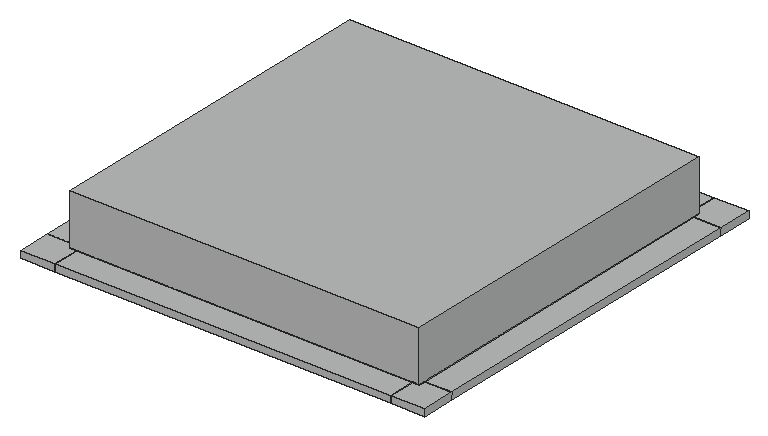
Revit family "ALUMOGIPS", category Осветительные приборы, Revit 2019 (continued)
Types (72, lengths in mm): name | Файл фотометрической сетки | built-in parameter 1150105 | Lumens | built-in parameter 1150106 | built-in parameter 1150142 | Wattage | Emit from Rectangle Width | Emit from Rectangle Length | Длина | Материал светильника | Ширина | ADSK_Ток | ADSK_Полная мощность | ADSK_Обозначение | ADSK_Номинальная мощность | ADSK_Наименование | ADSK_Масса | ADSK_Код изделия
  Alumogips-76/opal-sand 295х1195 (IP54, 4000К, белый) | "Светильник ALUMOGIPS-76 OPAL-SAND-(295x1195).ies" | 604.79 (stored number, unit not read) | 7600 lm | 6.0479 (stored number, unit not read) | "IESNA:LM-63-1995\r\n[TEST] Протокол №335/16 от 03.11.2016г. Испытательная лаборатория Государственного предприятия \"ЦСОТ НАН Беларуси\"\r\n[MORE] FFFFFFFD4B5B12BA015C1433E5FB5F5B8\r\n[DATA] 02.11.2016\r\n[MANUFAC] ЗАО \"Центрстройсвет\"\r\n[LUMCAT] Светильник ALUMOGIPS-76/OPAL-SAND-(295X1195)\r\n[LUMINAIRE] офисное освещение\r\n[LAMP] \r\nTILT=NONE\r\n1    -1.0   1.000 91 181 1 2   0.295   1.195   0.04\r\n1.0  1.0   75.50\r\n0.0 2.0 4.0 6.0 8.0 10.0 12.0 14.0 16.0 18.0 20.0 22.0 24.0 26.0 28.0 30.0 32.0 34.0 36.0 38.0 40.0 42.0 44.0 46.0 48.0 50.0 52.0 54.0 56.0 58.0 60.0 62.0 64.0 66.0 68.0 70.0 72.0 74.0 76.0 78.0 80.0 82.0 84.0 86.0 88.0 90.0 92.0 94.0 96.0 98.0 100.0 102.0 104.0 106.0 108.0 110.0 112.0 114.0 116.0 118.0 120.0 122.0 124.0 126.0 128.0 130.0 132.0 134.0 136.0 138.0 140.0 142.0 144.0 146.0 148.0 150.0 152.0 154.0 156.0 158.0 160.0 162.0 164.0 166.0 168.0 170.0 172.0 174.0 176.0 178.0 180.0 \r\n0.0 2.0 4.0 6.0 8.0 10.0 12.0 14.0 16.0 18.0 20.0 22.0 24.0 26.0 28.0 30.0 32.0 34.0 36.0 38.0 40.0 42.0 44.0 46.0 48.0 50.0 52.0 54.0 56.0 58.0 60.0 62.0 64.0 66.0 68.0 70.0 72.0 74.0 76.0 78.0 80.0 82.0 84.0 86.0 88.0 90.0 92.0 94.0 96.0 98.0 100.0 102.0 104.0 106.0 108.0 110.0 112.0 114.0 116.0 118.0 120.0 122.0 124.0 126.0 128.0 130.0 132.0 134.0 136.0 138.0 140.0 142.0 144.0 146.0 148.0 150.0 152.0 154.0 156.0 158.0 160.0 162.0 164.0 166.0 168.0 170.0 172.0 174.0 176.0 178.0 180.0 182.0 184.0 186.0 188.0 190.0 192.0 194.0 196.0 198.0 200.0 202.0 204.0 206.0 208.0 210.0 212.0 214.0 216.0 218.0 220.0 222.0 224.0 226.0 228.0 230.0 232.0 234.0 236.0 238.0 240.0 242.0 244.0 246.0 248.0 250.0 252.0 254.0 256.0 258.0 260.0 262.0 264.0 266.0 268.0 270.0 272.0 274.0 276.0 278.0 280.0 282.0 284.0 286.0 288.0 290.0 292.0 294.0 296.0 298.0 300.0 302.0 304.0 306.0 308.0 310.0 312.0 314.0 316.0 318.0 320.0 322.0 324.0 326.0 328.0 330.0 332.0 334.0 336.0 338.0 340.0 342.0 344.0 346.0 348.0 350.0 352.0 354.0 356.0 358.0 360.0 \r\n2755.907 2758.554 2753.161 2748.260 2733.459 2716.893 2696.309 2668.372 2638.377 2600.932 2557.411 2512.908 2465.466 2414.396 2357.836 2298.435 2239.229 2172.084 \r\n2104.547 2034.166 1962.708 1888.308 1811.654 1733.628 1653.446 1571.400 1488.670 1404.175 1318.796 1228.811 1141.474 1053.841 965.425 877.106 788.985 701.940 615.582 530.596 \r\n448.650 369.055 293.774 222.217 154.582 93.612 39.699 3.823 3.823 3.725 3.627 3.529 3.431 3.332 3.234 3.137 3.137 3.039 2.941 2.842 2.744 2.647 2.549 2.450 2.450 2.352 2.254 2.157 2.059 1.960 1.862 \r\n1.764 1.764 1.667 1.569 1.470 1.372 1.274 1.177 1.078 1.078 0.980 0.882 0.784 0.687 0.588 0.490 0.392 0.392 0.294 0.196 0.098 0.000 \r\n2755.907 2758.455 2753.064 2748.065 2733.166 2716.501 2695.819 2667.784 2637.692 2600.247 2556.724 2512.124 2464.681 2413.513 2356.954 2297.552 2238.249 2171.202 \r\n2103.565 2033.186 1961.727 1887.328 1810.674 1732.648 1652.465 1570.518 1487.788 1403.292 1317.816 1227.930 1140.689 1053.058 964.837 876.519 788.396 701.548 615.190 530.303 \r\n448.356 368.859 293.578 222.119 154.483 93.612 39.601 3.823 3.725 3.725 3.627 3.529 3.431 3.332 3.234 3.137 3.039 3.039 2.941 2.842 2.744 2.647 2.549 2.450 2.352 2.352 2.254 2.157 2.059 1.960 1.862 \r\n1.764 1.667 1.667 1.569 1.470 1.372 1.274 1.177 1.078 0.980 0.980 0.882 0.784 0.687 0.588 0.490 0.392 0.294 0.294 0.196 0.098 0.000 \r\n2755.907 2758.357 2752.868 2747.770 2732.871 2716.011 2695.329 2667.294 2637.005 2599.462 2556.039 2511.438 2463.897 2412.631 2356.072 2296.670 2237.269 2170.221 \r\n2102.585 2032.205 1960.747 1886.347 1809.694 1731.668 1651.485 1569.538 1486.905 1402.410 1316.934 1227.146 1139.905 1052.371 964.150 876.029 787.906 701.057 614.798 530.008 \r\n448.061 368.663 293.480 222.022 154.386 93.514 39.504 3.823 3.725 3.725 3.627 3.529 3.431 3.332 3.234 3.137 3.039 3.039 2.941 2.842 2.744 2.647 2.549 2.450 2.352 2.352 2.254 2.157 2.059 1.960 1.862 \r\n1.764 1.667 1.667 1.569 1.470 1.372 1.274 1.177 1.078 0.980 0.980 0.882 0.784 0.687 0.588 0.490 0.392 0.294 0.294 0.196 0.098 0.000 \r\n2755.907 2758.259 2752.770 2747.477 2732.577 2715.619 2694.741 2666.706 2636.319 2598.776 2555.352 2510.654 2463.113 2411.749 2355.190 2295.788 2236.289 2169.241 \r\n2101.605 2031.323 1959.767 1885.367 1808.713 1730.687 1650.505 1568.656 1485.925 1401.528 1316.052 1226.361 1139.219 1051.684 963.465 875.440 787.416 700.567 614.406 529.616 \r\n447.866 368.467 293.283 221.923 154.288 93.514 39.504 3.823 3.725 3.725 3.627 3.529 3.431 3.332 3.234 3.137 3.039 3.039 2.941 2.842 2.744 2.647 2.549 2.450 2.352 2.352 2.254 2.157 2.059 1.960 1.862 \r\n1.764 1.667 1.667 1.569 1.470 1.372 1.274 1.177 1.078 0.980 0.980 0.882 0.784 0.687 0.588 0.490 0.392 0.294 0.294 0.196 0.098 0.000 \r\n2755.907 2758.161 2752.671 2747.280 2732.283 2715.227 2694.250 2666.117 2635.633 2598.090 2554.764 2509.967 2462.329 2410.964 2354.406 2294.906 2235.309 2168.359 \r\n2100.625 2030.343 1958.787 1884.387 1807.733 1729.707 1649.525 1567.676 1485.043 1400.646 1315.072 1225.479 1138.435 1050.901 962.876 874.852 786.926 700.176 614.013 529.323 \r\n447.571 368.272 293.088 221.825 154.190 93.415 39.405 3.823 3.725 3.725 3.627 3.529 3.431 3.332 3.234 3.137 3.039 3.039 2.941 2.842 2.744 2.647 2.549 2.450 2.352 2.352 2.254 2.157 2.059 1.960 1.862 \r\n1.764 1.667 1.667 1.569 1.470 1.372 1.274 1.177 1.078 0.980 0.980 0.882 0.784 0.687 0.588 0.490 0.392 0.294 0.294 0.196 0.098 0.000 \r\n2755.907 2757.965 2752.574 2746.987 2731.989 2714.835 2693.662 2665.530 2635.045 2597.404 2554.078 2509.184 2461.545 2410.082 2353.524 2294.024 2234.328 2167.378 \r\n2099.743 2029.363 1957.708 1883.309 1806.753 1728.727 1648.643 1566.794 1484.161 1399.764 1314.190 1224.695 1137.651 1050.214 962.190 874.264 786.338 699.685 613.621 529.028 \r\n447.278 368.075 292.990 221.727 154.190 93.415 39.405 3.823 3.725 3.627 3.627 3.529 3.431 3.332 3.234 3.137 3.039 3.039 2.941 2.842 2.744 2.647 2.549 2.450 2.352 2.352 2.254 2.157 2.059 1.960 1.862 \r\n1.764 1.667 1.667 1.569 1.470 1.372 1.274 1.177 1.078 0.980 0.980 0.882 0.784 0.687 0.588 0.490 0.392 0.294 0.294 0.196 0.098 0.000 \r\n2755.907 2757.867 2752.378 2746.692 2731.695 2714.443 2693.172 2665.040 2634.358 2596.718 2553.392 2508.497 2460.760 2409.200 2352.642 2293.141 2233.348 2166.398 \r\n2098.763 2028.383 1956.728 1882.328 1805.773 1727.747 1647.662 1565.814 1483.181 1398.881 1313.307 1223.911 1136.965 1049.529 961.603 873.675 785.848 699.195 613.230 528.734 \r\n446.983 367.879 292.793 221.629 154.091 93.317 39.307 3.823 3.725 3.627 3.627 3.529 3.431 3.332 3.234 3.137 3.039 2.941 2.941 2.842 2.744 2.647 2.549 2.450 2.352 2.352 2.254 2.157 2.059 1.960 1.862 \r\n1.764 1.667 1.667 1.569 1.470 1.372 1.274 1.177 1.078 0.980 0.980 0.882 0.784 0.687 0.588 0.490 0.392 0.294 0.294 0.196 0.098 0.000 \r\n2755.907 2757.769 2752.279 2746.497 2731.302 2713.953 2692.682 2664.452 2633.673 2596.031 2552.705 2507.713 2459.976 2408.417 2351.759 2292.259 2232.368 2165.418 \r\n2097.782 2027.403 1955.748 1881.348 1804.694 1726.767 1646.682 1564.931 1482.299 1398.097 1312.327 1223.029 1136.181 1048.842 960.916 873.088 785.357 698.803 612.838 528.342 \r\n446.788 367.683 292.598 221.532 153.993 93.220 39.209 3.823 3.725 3.627 3.627 3.529 3.431 3.332 3.234 3.137 3.039 2.941 2.941 2.842 2.744 2.647 2.549 2.450 2.352 2.352 2.254 2.157 2.059 1.960 1.862 \r\n1.764 1.667 1.667 1.569 1.470 1.372 1.274 1.177 1.078 0.980 0.980 0.882 0.784 0.687 0.588 0.490 0.392 0.294 0.294 0.196 0.098 0.000 \r\n2755.907 2757.671 2752.181 2746.202 2731.009 2713.561 2692.094 2663.863 2632.986 2595.346 2552.020 2507.027 2459.192 2407.534 2350.877 2291.377 2231.387 2164.536 \r\n2096.802 2026.520 1954.768 1880.368 1803.714 1725.787 1645.702 1563.951 1481.416 1397.215 1311.445 1222.245 1135.396 1048.058 960.229 872.500 784.867 698.313 612.446 528.048 \r\n446.493 367.487 292.500 221.433 153.896 93.220 39.209 3.823 3.725 3.627 3.627 3.529 3.431 3.332 3.234 3.137 3.039 2.941 2.941 2.842 2.744 2.647 2.549 2.450 2.352 2.254 2.254 2.157 2.059 1.960 1.862 \r\n1.764 1.667 1.667 1.569 1.470 1.372 1.274 1.177 1.078 0.980 0.980 0.882 0.784 0.687 0.588 0.490 0.392 0.294 0.294 0.196 0.098 0.000 \r\n2755.907 2757.573 2752.084 2745.908 2730.715 2713.169 2691.603 2663.275 2632.300 2594.659 2551.333 2506.341 2458.408 2406.652 2349.995 2290.495 2230.407 2163.556 \r\n2095.822 2025.539 1953.788 1879.388 1802.734 1724.806 1644.722 1563.069 1480.436 1396.332 1310.465 1221.460 1134.711 1047.372 959.642 872.010 784.279 697.921 612.053 527.754 \r\n446.199 367.193 292.303 221.335 153.798 93.122 39.111 3.823 3.725 3.627 3.627 3.529 3.431 3.332 3.234 3.137 3.039 2.941 2.941 2.842 2.744 2.647 2.549 2.450 2.352 2.254 2.254 2.157 2.059 1.960 1.862 \r\n1.764 1.667 1.667 1.569 1.470 1.372 1.274 1.177 1.078 0.980 0.980 0.882 0.784 0.687 0.588 0.490 0.392 0.294 0.294 0.196 0.098 0.000 \r\n2755.907 2757.475 2751.986 2745.615 2730.420 2712.777 2691.113 2662.785 2631.614 2593.973 2550.648 2505.556 2457.624 2405.770 2349.113 2289.612 2229.426 2162.576 \r\n2094.842 2024.559 1952.709 1878.309 1801.754 1723.826 1643.742 1562.089 1479.554 1395.450 1309.583 1220.578 1133.926 1046.685 958.956 871.421 783.789 697.431 611.661 527.459 \r\n445.905 366.997 292.108 221.237 153.798 93.122 39.013 3.823 3.725 3.627 3.529 3.529 3.431 3.332 3.234 3.137 3.039 2.941 2.941 2.842 2.744 2.647 2.549 2.450 2.352 2.254 2.254 2.157 2.059 1.960 1.862 \r\n1.764 1.667 1.667 1.569 1.470 1.372 1.274 1.177 1.078 0.980 0.980 0.882 0.784 0.687 0.588 0.490 0.392 0.294 0.294 0.196 0.098 0.000 \r\n2755.907 2757.279 2751.789 2745.418 2730.127 2712.384 2690.525 2662.197 2631.026 2593.287 2550.059 2504.871 2456.839 2404.985 2348.231 2288.730 2228.446 2161.694 \r\n2093.960 2023.579 1951.729 1877.329 1800.774 1722.846 1642.860 1561.207 1478.672 1394.568 1308.701 1219.793 1133.142 1046.000 958.367 870.833 783.299 696.941 611.269 527.067 \r\n445.709 366.800 292.010 221.041 153.700 93.024 39.013 3.823 3.725 3.627 3.529 3.529 3.431 3.332 3.234 3.137 3.039 2.941 2.941 2.842 2.744 2.647 2.549 2.450 2.352 2.254 2.254 2.157 2.059 1.960 1.862 \r\n1.764 1.667 1.569 1.569 1.470 1.372 1.274 1.177 1.078 0.980 0.980 0.882 0.784 0.687 0.588 0.490 0.392 0.294 0.294 0.196 0.098 0.000 \r\n2755.907 2757.180 2751.691 2745.124 2729.832 2711.992 2690.035 2661.608 2630.339 2592.601 2549.373 2504.086 2456.055 2404.103 2347.348 2287.848 2227.466 2160.713 \r\n2092.980 2022.599 1950.749 1876.349 1799.793 1721.768 1641.879 1560.226 1477.691 1393.686 1307.720 1219.010 1132.456 1045.215 957.681 870.245 782.809 696.548 610.877 526.774 \r\n445.414 366.605 291.813 220.943 153.601 93.024 38.915 3.823 3.725 3.627 3.529 3.529 3.431 3.332 3.234 3.137 3.039 2.941 2.842 2.842 2.744 2.647 2.549 2.450 2.352 2.254 2.254 2.157 2.059 1.960 1.862 \r\n1.764 1.667 1.569 1.569 1.470 1.372 1.274 1.177 1.078 0.980 0.980 0.882 0.784 0.687 0.588 0.490 0.392 0.294 0.294 0.196 0.098 0.000 \r\n2755.907 2757.083 2751.594 2744.830 2729.539 2711.502 2689.545 2661.021 2629.654 2591.915 2548.687 2503.401 2455.271 2403.221 2346.564 2286.966 2226.486 2159.733 \r\n2091.999 2021.619 1949.769 1875.369 1798.813 1720.787 1640.899 1559.344 1476.809 1392.804 1306.837 1218.128 1131.672 1044.529 957.093 869.656 782.319 696.058 610.485 526.479 \r\n445.121 366.408 291.618 220.845 153.503 92.925 38.915 3.823 3.725 3.627 3.529 3.529 3.431 3.332 3.234 3.137 3.039 2.941 2.842 2.842 2.744 2.647 2.549 2.450 2.352 2.254 2.254 2.157 2.059 1.960 1.862 \r\n1.764 1.667 1.569 1.569 1.470 1.372 1.274 1.177 1.078 0.980 0.980 0.882 0.784 0.687 0.588 0.490 0.392 0.294 0.294 0.196 0.098 0.000 \r\n2755.907 2756.985 2751.496 2744.634 2729.244 2711.110 2688.957 2660.531 2628.967 2591.228 2548.001 2502.616 2454.389 2402.339 2345.682 2286.084 2225.506 2158.850 \r\n2091.019 2020.737 1948.690 1874.290 1797.833 1719.807 1639.919 1558.364 1475.926 1392.019 1305.955 1217.343 1130.887 1043.843 956.407 869.069 781.730 695.568 610.093 526.185 \r\n444.827 366.213 291.519 220.747 153.406 92.925 38.817 3.823 3.725 3.627 3.529 3.431 3.431 3.332 3.234 3.137 3.039 2.941 2.842 2.842 2.744 2.647 2.549 2.450 2.352 2.254 2.254 2.157 2.059 1.960 1.862 \r\n1.764 1.667 1.569 1.569 1.470 1.372 1.274 1.177 1.078 0.980 0.980 0.882 0.784 0.687 0.588 0.490 0.392 0.294 0.294 0.196 0.098 0.000 \r\n2755.907 2756.887 2751.398 2744.340 2728.852 2710.718 2688.466 2659.943 2628.281 2590.542 2547.314 2501.930 2453.605 2401.554 2344.799 2285.201 2224.525 2157.870 \r\n2090.039 2019.756 1947.710 1873.310 1796.853 1718.827 1638.939 1557.481 1474.946 1391.137 1304.975 1216.559 1130.201 1043.157 955.720 868.481 781.240 695.176 609.701 525.794 \r\n444.631 366.016 291.323 220.649 153.406 92.827 38.719 3.823 3.725 3.627 3.529 3.431 3.431 3.332 3.234 3.137 3.039 2.941 2.842 2.842 2.744 2.647 2.549 2.450 2.352 2.254 2.157 2.157 2.059 1.960 1.862 \r\n1.764 1.667 1.569 1.569 1.470 1.372 1.274 1.177 1.078 0.980 0.980 0.882 0.784 0.687 0.588 0.490 0.392 0.294 0.294 0.196 0.098 0.000 \r\n2755.907 2756.789 2751.201 2744.046 2728.558 2710.326 2687.879 2659.354 2627.693 2589.856 2546.629 2501.244 2452.820 2400.672 2343.917 2284.320 2223.545 2156.890 \r\n2089.059 2018.776 1946.730 1872.330 1795.774 1717.847 1638.056 1556.501 1474.064 1390.255 1304.093 1215.677 1129.417 1042.373 955.133 867.991 780.750 694.686 609.309 525.499 \r\n444.337 365.820 291.128 220.551 153.308 92.730 38.719 3.823 3.725 3.627 3.529 3.431 3.431 3.332 3.234 3.137 3.039 2.941 2.842 2.842 2.744 2.647 2.549 2.450 2.352 2.254 2.157 2.157 2.059 1.960 1.862 \r\n1.764 1.667 1.569 1.569 1.470 1.372 1.274 1.177 1.078 0.980 0.980 0.882 0.784 0.687 0.588 0.490 0.392 0.294 0.294 0.196 0.098 0.000 \r\n2755.907 2756.592 2751.104 2743.850 2728.264 2709.934 2687.389 2658.864 2627.007 2589.170 2545.942 2500.459 2452.036 2399.790 2343.035 2283.438 2222.565 2156.008 \r\n2088.079 2017.796 1945.750 1871.350 1794.794 1716.867 1637.076 1555.619 1473.182 1389.372 1303.113 1214.892 1128.633 1041.687 954.446 867.402 780.260 694.294 608.917 525.205 \r\n444.042 365.625 291.029 220.453 153.209 92.730 38.621 3.823 3.725 3.627 3.529 3.431 3.431 3.332 3.234 3.137 3.039 2.941 2.842 2.744 2.744 2.647 2.549 2.450 2.352 2.254 2.157 2.157 2.059 1.960 1.862 \r\n1.764 1.667 1.569 1.569 1.470 1.372 1.274 1.177 1.078 0.980 0.882 0.882 0.784 0.687 0.588 0.490 0.392 0.294 0.294 0.196 0.098 0.000 \r\n2755.907 2756.495 2751.006 2743.556 2727.970 2709.443 2686.899 2658.276 2626.320 2588.484 2545.255 2499.773 2451.252 2399.006 2342.153 2282.556 2221.585 2155.028 \r\n2087.196 2016.816 1944.769 1870.370 1793.814 1715.886 1636.095 1554.639 1472.202 1388.490 1302.231 1214.109 1127.946 1041.000 953.858 866.814 779.672 693.804 608.524 524.912 \r\n443.749 365.330 290.833 220.355 153.111 92.632 38.523 3.823 3.725 3.627 3.529 3.431 3.431 3.332 3.234 3.137 3.039 2.941 2.842 2.744 2.744 2.647 2.549 2.450 2.352 2.254 2.157 2.157 2.059 1.960 1.862 \r\n1.764 1.667 1.569 1.569 1.470 1.372 1.274 1.177 1.078 0.980 0.882 0.882 0.784 0.687 0.588 0.490 0.392 0.294 0.294 0.196 0.098 0.000 \r\n2755.907 2756.397 2750.907 2743.261 2727.676 2709.052 2686.311 2657.687 2625.635 2587.700 2544.668 2498.989 2450.468 2398.124 2341.271 2281.673 2220.605 2154.047 \r\n2086.215 2015.836 1943.691 1869.292 1792.834 1714.906 1635.115 1553.757 1471.320 1387.608 1301.348 1213.227 1127.163 1040.314 953.173 866.226 779.182 693.314 608.132 524.519 \r\n443.552 365.134 290.637 220.257 153.013 92.632 38.523 3.823 3.725 3.627 3.529 3.431 3.332 3.332 3.234 3.137 3.039 2.941 2.842 2.744 2.744 2.647 2.549 2.450 2.352 2.254 2.157 2.157 2.059 1.960 1.862 \r\n1.764 1.667 1.569 1.569 1.470 1.372 1.274 1.177 1.078 0.980 0.882 0.882 0.784 0.687 0.588 0.490 0.392 0.294 0.294 0.196 0.098 0.000 \r\n2755.907 2756.299 2750.711 2742.968 2727.382 2708.660 2685.821 2657.100 2624.948 2587.013 2543.982 2498.303 2449.684 2397.242 2340.388 2280.791 2219.624 2153.166 \r\n2085.235 2014.954 1942.7
